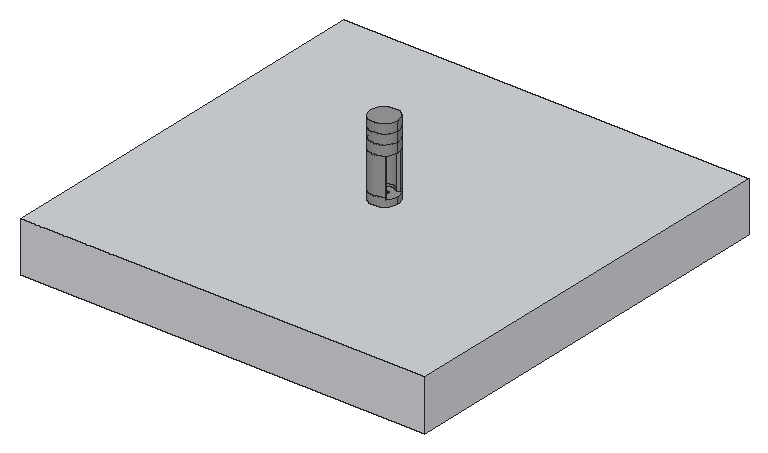
Revit family "LAMP_B-SIDE 360 450", category Luminarias, Revit 2015
Parameters (values of type "451LM 4000 BLACK")
  Ángulo de inclinación = 90.00°
  Weight = 4.384 kg
  Wattage = 10 W
  Type = "COB PHILIPS"
  built-in parameter 1150107 = 4000 (stored number, unit not read)
  built-in parameter 1150110 = 1 (stored number, unit not read)
  built-in parameter 1150109 = 1 (stored number, unit not read)
  built-in parameter 1150112 = 1 (stored number, unit not read)
  built-in parameter 1150113 = 1 (stored number, unit not read)
  built-in parameter 1114218 = 1 (stored number, unit not read)
  Protection rating = "IP65 / IK06"
  Product datasheet = "http://www.lamp.es/product-files/TECH/BS1RD4510840NA-EN.pdf"
  Product code = "BS1RD4510840NA"
  Product URL = "https://www.lamp.es/en/family/b-side_33457"
  Power Supply = "220-240V 50-60Hz"
  Power = 8 W
  Plum = 10 W
  built-in parameter 1150137 = (empty or 0)
  built-in parameter 1150132 = 2
  Modelo = Product code  # "BS1RD4510840NA"
  Material cristal = LAMP_Cristal B-Side Transparente
  Material = LAMP_Aluminio B-Side antracita
  Manufacturer name = "LAMP"
  Manufacturer country = "Spain"
  Manufacturer URL = "http://www.lamp.es/en"
  MacAdam = "3"
  Lámpara = "COB LED"
  Luminaire type = "Outdoor - Beacon"
  Last update = "21/12/2020"
  LED Lifetime = "50000 L90 B10"
  built-in parameter 1150105 = 113.3 (stored number, unit not read)
  built-in parameter 1150102 = (empty or 0)
  Insulation class = "I"
  Installation instructions = "https://www.lamp.es/product-files/INS/1004000-B-INSTR.%20B-SIDE%20LED%20360.pdf"
  built-in parameter 1150106 = 1.133 (stored number, unit not read)
  IEE = "A++"
  Height = 450 mm
  Gear = "Electronic"
  Lumens = 451 lm
  Finish = "Textured anthracite grey"
  Color Filter = 16777215
  built-in parameter 1114217 = 1 (stored number, unit not read)
  built-in parameter 1150139 = (empty or 0)
  Fabricante = Manufacturer name  # "LAMP"
  Default Elevation = 1219.2 mm
  built-in parameter 1150104 = 4.1899 (stored number, unit not read)
  Efficacy = 45.1 lm/W
  Diameter = 160 mm
  Descripción = "B-SIDE 360º LED 450 1000 NW ANT."
  built-in parameter 1150115 = 1 (stored number, unit not read)
  built-in parameter 1150114 = 1 (stored number, unit not read)
  built-in parameter 1150138 = (empty or 0)
  built-in parameter 1150134 = 3
  Dimming Lamp Color Temperature Shift = (empty or 0)
  CRI = "80"
  Archivo de red fotométrica = "5841324.IES"
  built-in parameter 1150133 = 10 (stored number, unit not read)
Types (4, lengths in mm): name | Wattage | Product datasheet | Product code | Power | Plum | Modelo | Material | LED Lifetime | built-in parameter 1150105 | built-in parameter 1150106 | Lumens | Finish | built-in parameter 1150104 | Efficacy | Descripción | Archivo de red fotométrica
  451LM 4000 BLACK | 10 W | "http://www.lamp.es/product-files/TECH/BS1RD4510840NA-EN.pdf" | "BS1RD4510840NA" | 8 W | 10 W | "BS1RD4510840NA" | LAMP_Aluminio B-Side antracita | "50000 L90 B10" | 113.3 (stored number, unit not read) | 1.133 (stored number, unit not read) | 451 lm | "Textured anthracite grey" | 4.1899 (stored number, unit not read) | 45.1 lm/W | "B-SIDE 360º LED 450 1000 NW ANT." | "5841324.IES"
  451LM 4000 GREY | 10 W | "http://www.lamp.es/product-files/TECH/BS1RD4510840NG-EN.pdf" | "BS1RD4510840NG" | 8 W | 10 W | "BS1RD4510840NG" | LAMP_Aluminio B-Side gris | "50000 L90 B10" | 113.3 (stored number, unit not read) | 1.133 (stored number, unit not read) | 451 lm | "Texturised grey" | 4.1899 (stored number, unit not read) | 45.1 lm/W | "B-SIDE 360º LED 450 1000 NW GR." | "5841323.IES"
  858LM 4000 BLACK | 18.9 W | "http://www.lamp.es/product-files/TECH/BS1RD4525840NA-EN.pdf" | "BS1RD4525840NA" | 17 W | 18.9 W | "BS1RD4525840NA" | LAMP_Aluminio B-Side antracita | "50000 L70 B10" | 217.32 (stored number, unit not read) | 2.1732 (stored number, unit not read) | 858.06 lm | "Textured anthracite grey" | 4.2178 (stored number, unit not read) | 45.4 lm/W | "B-SIDE 360º LED 450 2500 NW ANT." | "5841334.IES"
  858LM 4000 GREY | 18.9 W | "http://www.lamp.es/product-files/TECH/BS1RD4525840NG-EN.pdf" | "BS1RD4525840NG" | 17 W | 18.9 W | "BS1RD4525840NG" | LAMP_Aluminio B-Side gris | "50000 L70 B10" | 217.32 (stored number, unit not read) | 2.1732 (stored number, unit not read) | 858.06 lm | "Texturised grey" | 4.2178 (stored number, unit not read) | 45.4 lm/W | "B-SIDE 360º LED 450 2500 NW GR." | "5841333.IES"
Reference planes
  plane 1 "Centro (Frontal/Posterior)": y = 0
  plane 2: z = 0
  plane 3 "Centro (Izquierda/Derecha)": x = 0
Forms (mm)
  Extrusion 1, solid
    sketch origin (0, 0, 0) x (1, 0, 0) y (0, 1, 0)
      loop
        line (-1219.2, 1219.2) -> (-1219.2, -1219.2) -> (1219.2, -1219.2) -> (1219.2, 1219.2) -> (-1219.2, 1219.2)
    from 0 to -304.8
  Extrusion 2, solid, material "LAMP_Aluminio B-Side antracita" <- "Material"
    sketch origin (0, 0, 0) x (1, 0, 0) y (0, 1, 0)
      loop
        circle (0, 0) r 81.4
    from 0 to 53
  Extrusion 3, solid, material "LAMP_Aluminio B-Side antracita" <- "Material"
    sketch origin (0, 0, 0) x (1, 0, 0) y (0, 1, 0)
      loop
        arc (-56.09, 58.99) -> (-56.712, 57.566) -> (-56.126, 56.126) r 2
        line (-56.126, 56.126) -> (-42.686, 42.686)
        arc (-42.686, 42.686) -> (-41.305, 42.1) -> (-39.905, 42.64) r 2
        arc (-39.905, 42.64) -> (0, 58.4) -> (39.905, 42.64) r 58.4
        arc (39.905, 42.64) -> (41.305, 42.1) -> (42.686, 42.686) r 2
        line (42.686, 42.686) -> (56.126, 56.126)
        arc (56.126, 56.126) -> (56.712, 57.566) -> (56.09, 58.99) r 2
        arc (56.09, 58.99) -> (0, 81.4) -> (-56.09, 58.99) r 81.4
      loop
        arc (-56.09, -58.99) -> (0, -81.4) -> (56.09, -58.99) r 81.4
        arc (56.09, -58.99) -> (56.712, -57.566) -> (56.126, -56.126) r 2
        line (56.126, -56.126) -> (42.686, -42.686)
        arc (42.686, -42.686) -> (41.305, -42.1) -> (39.905, -42.64) r 2
        arc (39.905, -42.64) -> (0, -58.4) -> (-39.905, -42.64) r 58.4
        arc (-39.905, -42.64) -> (-41.305, -42.1) -> (-42.686, -42.686) r 2
        line (-42.686, -42.686) -> (-56.126, -56.126)
        arc (-56.126, -56.126) -> (-56.712, -57.566) -> (-56.09, -58.99) r 2
    from 53 to 277
  Extrusion 4, void
    sketch origin (0, 0, 0) x (1, 0, 0) y (0, 1, 0)
      loop
        arc (-56.09, -58.99) -> (-56.712, -57.566) -> (-56.126, -56.126) r 2
        line (-56.126, -56.126) -> (-42.686, -42.686)
        arc (-42.686, -42.686) -> (-41.305, -42.1) -> (-39.905, -42.64) r 2
        arc (-39.905, -42.64) -> (0, -58.4) -> (39.905, -42.64) r 58.4
        arc (39.905, -42.64) -> (41.305, -42.1) -> (42.686, -42.686) r 2
        line (42.686, -42.686) -> (56.126, -56.126)
        arc (56.126, -56.126) -> (56.712, -57.566) -> (56.09, -58.99) r 2
        arc (56.09, -58.99) -> (81.4, 0) -> (56.09, 58.99) r 81.4
        arc (56.09, 58.99) -> (56.712, 57.566) -> (56.126, 56.126) r 2
        line (56.126, 56.126) -> (42.686, 42.686)
        arc (42.686, 42.686) -> (41.305, 42.1) -> (39.905, 42.64) r 2
        arc (39.905, 42.64) -> (0, 58.4) -> (-39.905, 42.64) r 58.4
        arc (-39.905, 42.64) -> (-41.305, 42.1) -> (-42.686, 42.686) r 2
        line (-42.686, 42.686) -> (-56.126, 56.126)
        arc (-56.126, 56.126) -> (-56.712, 57.566) -> (-56.09, 58.99) r 2
        arc (-56.09, 58.99) -> (-81.4, 0) -> (-56.09, -58.99) r 81.4
    from 38 to 53
  Extrusion 5, solid, material "LAMP_Aluminio B-Side antracita" <- "Material"
    sketch origin (0, 0, 0) x (1, 0, 0) y (0, 1, 0)
      loop
        arc (-19.941, -7.347) -> (-19.723, -7.874) -> (-19.196, -8.093) r 0.745
        line (-19.196, -8.093) -> (-14.656, -8.093)
        arc (-14.656, -8.093) -> (-14.206, -7.948) -> (-13.924, -7.57) r 0.775
        line (-13.924, -7.57) -> (-9.383, 5.625) -> (-4.868, -7.498)
        arc (-4.868, -7.498) -> (-4.603, -7.853) -> (-4.18, -7.988) r 0.727
        line (-4.18, -7.988) -> (-0.911, -7.988)
        arc (-0.911, -7.988) -> (-0.395, -7.775) -> (-0.182, -7.26) r 0.729
        line (-0.182, -7.26) -> (-0.182, 5.708) -> (3.923, 1.603) -> (8.029, 5.708) -> (8.029, -7.385)
        arc (8.029, -7.385) -> (8.236, -7.885) -> (8.736, -8.093) r 0.708
        line (8.736, -8.093) -> (13.813, -8.093)
        arc (13.813, -8.093) -> (14.355, -7.868) -> (14.579, -7.327) r 0.766
        line (14.579, -7.327) -> (14.579, 5.073)
        arc (14.579, 5.073) -> (14.796, 5.597) -> (15.319, 5.813) r 0.74
        line (15.319, 5.813) -> (18.763, 5.813)
        arc (18.763, 5.813) -> (19.302, 5.59) -> (19.525, 5.051) r 0.762
        line (19.525, 5.051) -> (19.525, 2.449)
        arc (19.525, 2.449) -> (19.304, 1.913) -> (18.768, 1.691) r 0.758
        line (18.768, 1.691) -> (15.597, 1.691)
        arc (15.597, 1.691) -> (14.772, 0.867) -> (15.597, 0.043) r 0.824
        line (15.597, 0.043) -> (20.435, 0.043)
        arc (20.435, 0.043) -> (20.958, 0.259) -> (21.174, 0.782) r 0.739
        line (21.174, 0.782) -> (21.174, 6.687)
        arc (21.174, 6.687) -> (20.947, 7.235) -> (20.399, 7.462) r 0.776
        line (20.399, 7.462) -> (13.696, 7.462)
        arc (13.696, 7.462) -> (13.155, 7.238) -> (12.93, 6.696) r 0.766
        line (12.93, 6.696) -> (12.93, -5.699)
        arc (12.93, -5.699) -> (12.706, -6.241) -> (12.164, -6.465) r 0.766
        line (12.164, -6.465) -> (10.468, -6.465)
        arc (10.468, -6.465) -> (9.929, -6.242) -> (9.706, -5.703) r 0.762
        line (9.706, -5.703) -> (9.706, 5.944)
        arc (9.706, 5.944) -> (8.51, 7.607) -> (6.554, 7.001) r 1.753
        line (6.554, 7.001) -> (3.923, 4.37) -> (1.293, 7.001)
        arc (1.293, 7.001) -> (-0.664, 7.607) -> (-1.86, 5.944) r 1.753
        line (-1.86, 5.944) -> (-1.86, -5.517)
        arc (-1.86, -5.517) -> (-2.65, -6.45) -> (-3.7, -5.824) r 0.946
        line (-3.7, -5.824) -> (-7.907, 6.409)
        arc (-7.907, 6.409) -> (-9.383, 7.462) -> (-10.86, 6.409) r 1.561
        line (-10.86, 6.409) -> (-15.109, -5.946)
        arc (-15.109, -5.946) -> (-15.389, -6.322) -> (-15.836, -6.465) r 0.768
        line (-15.836, -6.465) -> (-17.56, -6.465)
        arc (-17.56, -6.465) -> (-18.078, -6.25) -> (-18.293, -5.732) r 0.733
        line (-18.293, -5.732) -> (-18.293, 6.725)
        arc (-18.293, 6.725) -> (-19.117, 7.55) -> (-19.941, 6.725) r 0.824
        line (-19.941, 6.725) -> (-19.941, -7.347)
    from 38 to 39
  Extrusion 6, solid, material "LAMP_Aluminio B-Side antracita" <- "Material"
    sketch origin (0, 0, 0) x (1, 0, 0) y (0, 1, 0)
      loop
        circle (0, 0) r 81.4
    from 395 to 450
  Extrusion 7, solid, material "LAMP_Cristal B-Side Transparente" <- "Material cristal"
    sketch origin (0, 0, 0) x (1, 0, 0) y (0, 1, 0)
      loop
        circle (0, 0) r 81.4
    from 337 to 395
  Extrusion 8, solid, material "LAMP_Aluminio B-Side antracita" <- "Material"
    sketch origin (0, 0, 0) x (1, 0, 0) y (0, 1, 0)
      loop
        circle (0, 0) r 81.4
    from 262 to 337
  Extrusion 9, void
    sketch origin (0, 0, 0) x (1, 0, 0) y (0, 1, 0)
      loop
        arc (-56.09, -58.99) -> (-56.712, -57.566) -> (-56.126, -56.126) r 2
        line (-56.126, -56.126) -> (-42.686, -42.686)
        arc (-42.686, -42.686) -> (-41.305, -42.1) -> (-39.905, -42.64) r 2
        arc (-39.905, -42.64) -> (0, -58.4) -> (39.905, -42.64) r 58.4
        arc (39.905, -42.64) -> (41.305, -42.1) -> (42.686, -42.686) r 2
        line (42.686, -42.686) -> (56.126, -56.126)
        arc (56.126, -56.126) -> (56.712, -57.566) -> (56.09, -58.99) r 2
        arc (56.09, -58.99) -> (81.4, 0) -> (56.09, 58.99) r 81.4
        arc (56.09, 58.99) -> (56.712, 57.566) -> (56.126, 56.126) r 2
        line (56.126, 56.126) -> (42.686, 42.686)
        arc (42.686, 42.686) -> (41.305, 42.1) -> (39.905, 42.64) r 2
        arc (39.905, 42.64) -> (0, 58.4) -> (-39.905, 42.64) r 58.4
        arc (-39.905, 42.64) -> (-41.305, 42.1) -> (-42.686, 42.686) r 2
        line (-42.686, 42.686) -> (-56.126, 56.126)
        arc (-56.126, 56.126) -> (-56.712, 57.566) -> (-56.09, 58.99) r 2
        arc (-56.09, 58.99) -> (-81.4, 0) -> (-56.09, -58.99) r 81.4
    from 262 to 277
  Extrusion 10, void
    sketch origin (0, 0, 0) x (1, 0, 0) y (0, 1, 0)
      loop
        circle (0, 0) r 76.4
    from 337 to 395
Cuts and joins
  Extrusion 9 cuts Extrusion 5
  Extrusion 4, Extrusion 9, Extrusion 10 cuts Extrusion 2
  Extrusion 4, Extrusion 9, Extrusion 10 cuts Extrusion 3
  Extrusion 9, Extrusion 10 cuts Extrusion 8
  joined: Extrusion 2, Extrusion 3, Extrusion 8
  Extrusion 10 cuts Extrusion 7
  Extrusion 10 cuts Extrusion 6
Text (mm)
  text "Any modification of the parameters and properties of the LAMP BIM models must be executed and validated by the LAMP technical department.\n\nPhone: +34 93 736 68 00\n\nE-mail: lamp@lamp.es\n\n\n\nLAMP reserves the right to modify the technical specifications of its products." at (19217.148, -14743.252, -9581.712), in view "Preview"
Dimensions and locks
  aligned and locked: plane 2 to Extrusion 1
  aligned and locked: level to Extrusion 1
Connectors
  electrical at (0, 0, 0)
    settings: on cut or joined group of Extrusion 2, Extrusion 3, Extrusion 4, Extrusion 8, Extrusion 9, Extrusion 10, index 1, voltage 230 V, apparent load 0 VA, apparent load phase1 0 VA, apparent load phase2 0 VA, apparent load phase3 0 VA, power factor 1, load classification "Otro", number of poles 1, system type 31, power factor state 1, is connector primary yes, connector utility no, sub classification motor no, connector description ""
